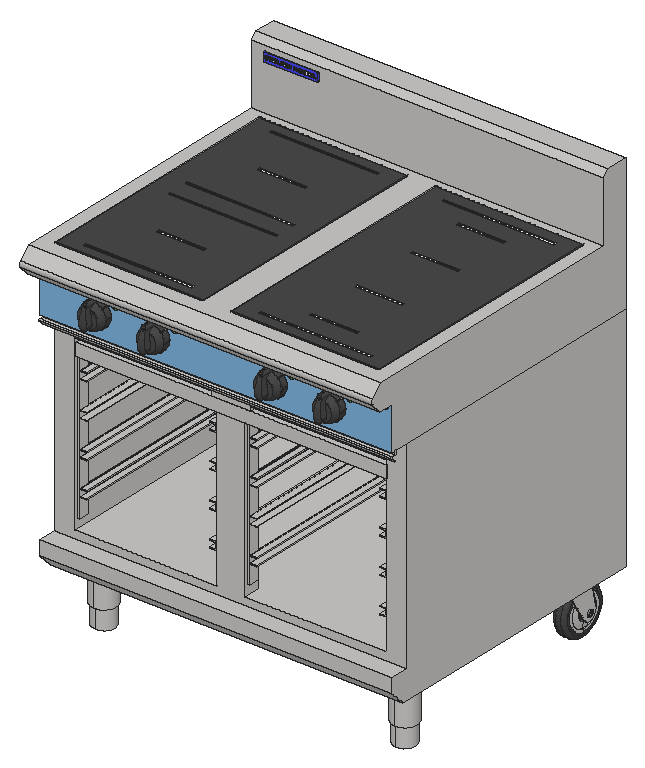
Revit family "QF_Moffat_IN514R5F-CB_Induction_Cooktop_cat", category Specialty Equipment, Revit 2019 (continued)
Definition of nested family "QF_LOGO_BLue Seal"
  Forms (mm)
    Extrusion 2, solid
      sketch origin (0, 0, 0) x (1, 0, 0) y (0, 0, 1)
        loop
          line (103.826, 9.135) -> (99.041, 9.135) -> (99.041, 10.415) -> (103.969, 10.415)
          arc (103.969, 10.415) -> (104.809, 11.255) -> (103.969, 12.095) r 0.84
          line (103.969, 12.095) -> (99.041, 12.095) -> (99.041, 13.215) -> (103.759, 13.215)
        loop
          line (112.34, 12.915) -> (112.34, 11.583) -> (115.1, 11.583) -> (115.1, 12.915)
          arc (115.1, 12.915) -> (114.954, 13.268) -> (114.6, 13.415) r 0.5
          line (114.6, 13.415) -> (112.84, 13.415)
          arc (112.84, 13.415) -> (112.487, 13.268) -> (112.34, 12.915) r 0.5
        loop
          arc (119.975, 7.169) -> (120.682, 7.461) -> (120.975, 8.169) r 1
          line (120.975, 8.169) -> (120.975, 14.317)
          arc (120.975, 14.317) -> (120.682, 15.024) -> (119.975, 15.317) r 1
          line (119.975, 15.317) -> (107.404, 15.317)
          arc (107.404, 15.317) -> (106.697, 15.024) -> (106.404, 14.317) r 1
          line (106.404, 14.317) -> (106.404, 8.169)
          arc (106.404, 8.169) -> (106.697, 7.461) -> (107.404, 7.169) r 1
          line (107.404, 7.169) -> (111.34, 7.169)
          arc (111.34, 7.169) -> (112.047, 7.461) -> (112.34, 8.169) r 1
          line (112.34, 8.169) -> (112.34, 9.135) -> (115.1, 9.135) -> (115.1, 8.169)
          arc (115.1, 8.169) -> (115.393, 7.461) -> (116.1, 7.169) r 1
          line (116.1, 7.169) -> (119.975, 7.169)
        loop
          arc (122.692, 8.169) -> (122.985, 7.461) -> (123.692, 7.169) r 1
          line (123.692, 7.169) -> (133.067, 7.169)
          arc (133.067, 7.169) -> (134.076, 8.178) -> (133.067, 9.188) r 1.01
          line (133.067, 9.188) -> (128.479, 9.188) -> (128.479, 14.317)
          arc (128.479, 14.317) -> (128.186, 15.024) -> (127.479, 15.317) r 1
          line (127.479, 15.317) -> (123.692, 15.317)
          arc (123.692, 15.317) -> (122.985, 15.024) -> (122.692, 14.317) r 1
          line (122.692, 14.317) -> (122.692, 8.169)
        loop
          line (8.019, 7.227) -> (8.019, 15.172)
          arc (8.019, 15.172) -> (4.133, 11.2) -> (8.019, 7.227) r 3.973
      from 0 to 3.2
    Extrusion 3, solid
      sketch origin (0, 0, 0) x (1, 0, 0) y (0, 0, 1)
        loop
          line (8.289, 15.169) -> (8.289, 7.231)
          arc (8.289, 7.231) -> (12.08, 11.2) -> (8.289, 15.169) r 3.973
      from 0 to 3.2
    Extrusion 4, solid
      sketch origin (16.271, 0, 0) x (-1, 0, 0) y (0, 0, -1)
        loop
          arc (8.252, -15.172) -> (12.138, -11.2) -> (8.252, -7.227) r 3.973
          line (8.252, -7.227) -> (8.252, -15.172)
      from 0 to 3.2
  Dimensions and locks
    equal spacing: plane 3 "LEFT", plane 7 "Center Y", plane 4 "RIGHT"
    "Length": plane 3 "LEFT" to plane 4 "RIGHT"
    equal spacing: plane 5 "FRONT", plane 8 "Center X", plane 1 "BACK"
    "Depth": plane 5 "FRONT" to plane 1 "BACK"
    "Height": plane 6 "TOP" to level
    plane 4 "RIGHT" to plane 3 "LEFT" = 138 mm
    aligned and locked: level to plane 2
  Automatic sketch dimensions
    Extrusion 1 sketch curve to Extrusion 1 sketch curve = 0 mm  (x12)
    Extrusion 1 sketch curve to plane 3 "LEFT" = 0 mm
    Extrusion 1 sketch curve to level = 0 mm
    Extrusion 1 sketch curve to plane 6 "TOP" = 0 mm
    plane 4 "RIGHT" to Extrusion 1 sketch curve = 0 mm
    plane 3 "LEFT" to Extrusion 1 sketch curve = 2 mm
    Extrusion 1 sketch curve to Extrusion 1 sketch curve = 2 mm
    plane 3 "LEFT" to Extrusion 1 sketch curve = 8.135 mm
    Extrusion 1 sketch curve to Extrusion 1 sketch curve = 7.524 mm
    Extrusion 1 sketch curve to Extrusion 1 sketch curve = 0.965 mm
    Extrusion 1 sketch curve to Extrusion 1 sketch curve = 1 mm  (x22)
    Extrusion 1 sketch curve to Extrusion 1 sketch curve = 4.503 mm
    Extrusion 1 sketch curve to Extrusion 1 sketch curve = 2.434 mm  (x2)
    Extrusion 1 sketch curve to Extrusion 1 sketch curve = 4.362 mm
    Extrusion 1 sketch curve to Extrusion 1 sketch curve = 3.517 mm
    Extrusion 1 sketch curve to Extrusion 1 sketch curve = 3.787 mm  (x2)
    Extrusion 1 sketch curve to Extrusion 1 sketch curve = 4.787 mm
    Extrusion 1 sketch curve to Extrusion 1 sketch curve = 4.588 mm
    Extrusion 1 sketch curve to Extrusion 1 sketch curve = 1.798 mm
    Extrusion 1 sketch curve to Extrusion 1 sketch curve = 1.956 mm  (x2)
    Extrusion 1 sketch curve to Extrusion 1 sketch curve = 3.735 mm
    Extrusion 1 sketch curve to Extrusion 1 sketch curve = 3.779 mm
    Extrusion 1 sketch curve to Extrusion 1 sketch curve = 1.146 mm
    Extrusion 1 sketch curve to Extrusion 1 sketch curve = 3.631 mm
    Extrusion 1 sketch curve to Extrusion 1 sketch curve = 3.713 mm
    Extrusion 1 sketch curve to Extrusion 1 sketch curve = 0.959 mm
    Extrusion 1 sketch curve to Extrusion 1 sketch curve = 1.688 mm
    Extrusion 1 sketch curve to plane 7 "Center Y" = 3.94 mm
    plane 7 "Center Y" to Extrusion 1 sketch curve = 0.777 mm
    plane 7 "Center Y" to Extrusion 1 sketch curve = 0.845 mm
    plane 7 "Center Y" to Extrusion 1 sketch curve = 0.988 mm
    Extrusion 1 sketch curve to Extrusion 1 sketch curve = 7.327 mm
    Extrusion 1 sketch curve to Extrusion 1 sketch curve = 4.556 mm
    Extrusion 1 sketch curve to Extrusion 1 sketch curve = 3.087 mm
    Extrusion 1 sketch curve to Extrusion 1 sketch curve = 4.657 mm  (x2)
    Extrusion 1 sketch curve to Extrusion 1 sketch curve = 0.004 mm
    Extrusion 1 sketch curve to Extrusion 1 sketch curve = 0.996 mm  (x2)
    Extrusion 1 sketch curve to Extrusion 1 sketch curve = 1.402 mm
    Extrusion 1 sketch curve to Extrusion 1 sketch curve = 5.025 mm
    Extrusion 1 sketch curve to Extrusion 1 sketch curve = 4.717 mm
    Extrusion 1 sketch curve to Extrusion 1 sketch curve = 4.785 mm
    Extrusion 1 sketch curve to Extrusion 1 sketch curve = 0.211 mm
    Extrusion 1 sketch curve to Extrusion 1 sketch curve = 2.645 mm
    Extrusion 1 sketch curve to Extrusion 1 sketch curve = 3.936 mm
    Extrusion 1 sketch curve to Extrusion 1 sketch curve = 0.5 mm  (x2)
    Extrusion 1 sketch curve to Extrusion 1 sketch curve = 1.76 mm
    Extrusion 1 sketch curve to Extrusion 1 sketch curve = 2.76 mm
    Extrusion 1 sketch curve to Extrusion 1 sketch curve = 4.875 mm
    Extrusion 1 sketch curve to Extrusion 1 sketch curve = 3.875 mm
    Extrusion 1 sketch curve to Extrusion 1 sketch curve = 1.717 mm
    plane 4 "RIGHT" to Extrusion 1 sketch curve = 4.933 mm
    plane 4 "RIGHT" to Extrusion 1 sketch curve = 2 mm  (x2)
    level to Extrusion 1 sketch curve = 7.169 mm  (x5)
    Extrusion 1 sketch curve to Extrusion 1 sketch curve = 5.169 mm
    Extrusion 1 sketch curve to Extrusion 1 sketch curve = 0.983 mm  (x2)
    Extrusion 1 sketch curve to Extrusion 1 sketch curve = 1.01 mm  (x2)
    Extrusion 1 sketch curve to Extrusion 1 sketch curve = 0.376 mm
    Extrusion 1 sketch curve to Extrusion 1 sketch curve = 0.588 mm
    Extrusion 1 sketch curve to Extrusion 1 sketch curve = 0.966 mm
    Extrusion 1 sketch curve to Extrusion 1 sketch curve = 2.037 mm  (x2)
    Extrusion 1 sketch curve to Extrusion 1 sketch curve = 0.772 mm  (x2)
    Extrusion 1 sketch curve to Extrusion 1 sketch curve = 0.952 mm
    Extrusion 1 sketch curve to Extrusion 1 sketch curve = 1.046 mm
    Extrusion 1 sketch curve to Extrusion 1 sketch curve = 1.28 mm  (x2)
    Extrusion 1 sketch curve to Extrusion 1 sketch curve = 1.878 mm
    Extrusion 1 sketch curve to Extrusion 1 sketch curve = 2.905 mm
    Extrusion 1 sketch curve to Extrusion 1 sketch curve = 3.031 mm
    Extrusion 1 sketch curve to Extrusion 1 sketch curve = 0.84 mm  (x2)
    Extrusion 1 sketch curve to Extrusion 1 sketch curve = 2.448 mm
    Extrusion 1 sketch curve to Extrusion 1 sketch curve = 2.202 mm
    Extrusion 1 sketch curve to Extrusion 1 sketch curve = 0.786 mm
    Extrusion 1 sketch curve to Extrusion 1 sketch curve = 1.332 mm
    Extrusion 1 sketch curve to Extrusion 1 sketch curve = 1.12 mm  (x2)
    Extrusion 1 sketch curve to Extrusion 1 sketch curve = 1.716 mm
    Extrusion 1 sketch curve to Extrusion 1 sketch curve = 1.051 mm  (x2)
    Extrusion 1 sketch curve to Extrusion 1 sketch curve = 4.147 mm
    Extrusion 1 sketch curve to Extrusion 1 sketch curve = 5.129 mm
    Extrusion 1 sketch curve to Extrusion 1 sketch curve = 0.051 mm
    Extrusion 1 sketch curve to Extrusion 1 sketch curve = 1.037 mm
    Extrusion 1 sketch curve to Extrusion 1 sketch curve = 0.516 mm
    plane 3 "LEFT" to Extrusion 1 sketch curve = 3.555 mm
    Extrusion 2 sketch curve to Extrusion 2 sketch curve = 0 mm  (x16)
    plane 3 "LEFT" to Extrusion 2 sketch curve = 8.019 mm
    Extrusion 2 sketch curve to Extrusion 2 sketch curve = 0.088 mm
    Extrusion 2 sketch curve to Extrusion 2 sketch curve = 0.029 mm
    Extrusion 2 sketch curve to Extrusion 2 sketch curve = 0.27 mm
    Extrusion 2 sketch curve to Extrusion 2 sketch curve = 7.371 mm
    Extrusion 2 sketch curve to Extrusion 2 sketch curve = 0.965 mm
    Extrusion 2 sketch curve to Extrusion 2 sketch curve = 1 mm  (x24)
    Extrusion 2 sketch curve to Extrusion 2 sketch curve = 4.503 mm
    Extrusion 2 sketch curve to Extrusion 2 sketch curve = 2.434 mm
    Extrusion 2 sketch curve to Extrusion 2 sketch curve = 4.362 mm
    Extrusion 2 sketch curve to Extrusion 2 sketch curve = 3.517 mm
    Extrusion 2 sketch curve to Extrusion 2 sketch curve = 3.787 mm  (x2)
    Extrusion 2 sketch curve to Extrusion 2 sketch curve = 4.787 mm  (x2)
    Extrusion 2 sketch curve to Extrusion 2 sketch curve = 4.588 mm  (x2)
    Extrusion 2 sketch curve to Extrusion 2 sketch curve = 1.798 mm
    Extrusion 2 sketch curve to Extrusion 2 sketch curve = 1.956 mm
    Extrusion 2 sketch curve to Extrusion 2 sketch curve = 3.735 mm
    Extrusion 2 sketch curve to Extrusion 2 sketch curve = 1.146 mm
    Extrusion 2 sketch curve to Extrusion 2 sketch curve = 3.631 mm
    Extrusion 2 sketch curve to Extrusion 2 sketch curve = 3.713 mm
    Extrusion 2 sketch curve to Extrusion 2 sketch curve = 0.959 mm
    Extrusion 2 sketch curve to Extrusion 2 sketch curve = 1.688 mm
    Extrusion 2 sketch curve to plane 7 "Center Y" = 3.94 mm
    plane 7 "Center Y" to Extrusion 2 sketch curve = 0.777 mm
    plane 7 "Center Y" to Extrusion 2 sketch curve = 0.845 mm
    plane 7 "Center Y" to Extrusion 2 sketch curve = 0.988 mm
    Extrusion 2 sketch curve to Extrusion 2 sketch curve = 7.327 mm
    Extrusion 2 sketch curve to Extrusion 2 sketch curve = 4.556 mm
    Extrusion 2 sketch curve to Extrusion 2 sketch curve = 3.087 mm
    Extrusion 2 sketch curve to Extrusion 2 sketch curve = 4.657 mm  (x2)
    Extrusion 2 sketch curve to Extrusion 2 sketch curve = 0.004 mm
    Extrusion 2 sketch curve to Extrusion 2 sketch curve = 0.996 mm
    Extrusion 2 sketch curve to Extrusion 2 sketch curve = 1.402 mm
    Extrusion 2 sketch curve to Extrusion 2 sketch curve = 5.025 mm
    Extrusion 2 sketch curve to Extrusion 2 sketch curve = 4.717 mm
    Extrusion 2 sketch curve to Extrusion 2 sketch curve = 4.785 mm
    Extrusion 2 sketch curve to Extrusion 2 sketch curve = 0.211 mm
    Extrusion 2 sketch curve to Extrusion 2 sketch curve = 2.578 mm
    Extrusion 2 sketch curve to Extrusion 2 sketch curve = 3.936 mm
    Extrusion 2 sketch curve to Extrusion 2 sketch curve = 0.5 mm  (x2)
    Extrusion 2 sketch curve to Extrusion 2 sketch curve = 1.76 mm
    Extrusion 2 sketch curve to Extrusion 2 sketch curve = 2.76 mm
    Extrusion 2 sketch curve to Extrusion 2 sketch curve = 3.875 mm
    Extrusion 2 sketch curve to Extrusion 2 sketch curve = 4.875 mm
    Extrusion 2 sketch curve to Extrusion 2 sketch curve = 1.717 mm
    level to Extrusion 2 sketch curve = 7.169 mm  (x6)
    level to Extrusion 2 sketch curve = 7.227 mm
    Extrusion 2 sketch curve to Extrusion 2 sketch curve = 0.003 mm
    Extrusion 2 sketch curve to Extrusion 2 sketch curve = 0.983 mm  (x2)
    Extrusion 2 sketch curve to Extrusion 2 sketch curve = 1.01 mm  (x2)
    Extrusion 2 sketch curve to Extrusion 2 sketch curve = 1.376 mm
    Extrusion 2 sketch curve to Extrusion 2 sketch curve = 0.588 mm
    Extrusion 2 sketch curve to Extrusion 2 sketch curve = 0.966 mm
    Extrusion 2 sketch curve to Extrusion 2 sketch curve = 2.037 mm  (x2)
    Extrusion 2 sketch curve to Extrusion 2 sketch curve = 0.772 mm  (x2)
    Extrusion 2 sketch curve to Extrusion 2 sketch curve = 1.539 mm
    Extrusion 2 sketch curve to Extrusion 2 sketch curve = 0.961 mm
    Extrusion 2 sketch curve to Extrusion 2 sketch curve = 1.28 mm  (x2)
    Extrusion 2 sketch curve to Extrusion 2 sketch curve = 1.878 mm
    Extrusion 2 sketch curve to Extrusion 2 sketch curve = 2.905 mm
    Extrusion 2 sketch curve to Extrusion 2 sketch curve = 3.969 mm
    Extrusion 2 sketch curve to Extrusion 2 sketch curve = 0.84 mm  (x2)
    Extrusion 2 sketch curve to Extrusion 2 sketch curve = 2.448 mm
    Extrusion 2 sketch curve to Extrusion 2 sketch curve = 2.202 mm
    Extrusion 2 sketch curve to Extrusion 2 sketch curve = 2.222 mm
    Extrusion 2 sketch curve to Extrusion 2 sketch curve = 1.332 mm
    Extrusion 2 sketch curve to Extrusion 2 sketch curve = 1.12 mm  (x2)
    Extrusion 2 sketch curve to Extrusion 2 sketch curve = 0.929 mm
    Extrusion 2 sketch curve to Extrusion 2 sketch curve = 1.051 mm  (x2)
    Extrusion 2 sketch curve to Extrusion 2 sketch curve = 5.129 mm  (x2)
    Extrusion 2 sketch curve to Extrusion 2 sketch curve = 4.147 mm
    Extrusion 2 sketch curve to Extrusion 2 sketch curve = 0.516 mm
    plane 3 "LEFT" to Extrusion 2 sketch curve = 3.555 mm
    plane 3 "LEFT" to Extrusion 3 sketch curve = 8.107 mm
    Extrusion 3 sketch curve to Extrusion 3 sketch curve = 0.182 mm
    level to Extrusion 3 sketch curve = 7.231 mm
    Extrusion 3 sketch curve to Extrusion 3 sketch curve = 3.969 mm
    Extrusion 4 sketch curve to plane 3 "LEFT" = 8.107 mm
    Extrusion 4 sketch curve to Extrusion 4 sketch curve = 0.088 mm
    Extrusion 4 sketch curve to level = 7.227 mm
    Extrusion 4 sketch curve to Extrusion 4 sketch curve = 3.972 mm
Definition of nested family "6 INCHES 02_CASTER"
  Parameters (values of type "6 INCHES 02_CASTER")
    Weight = ""
    URL Manufacturer = ""
    URL Cutsheet = ""
    URL = ""
    Type Mark [instance] = ""
    Specification by User [instance] = ""
    Specification by Manufacturer = ""
    Show Casters [instance] = yes
    Serial Number = ""
    Seismic Rating = ""
    SMACNA No = ""
    Revision Code [instance] = ""
    Omniclass Number and Title = ""
    NAFEM Spec ID Number = ""
    Model = ""
    MasterSpec. = ""
    Manufacturer = ""
    Item Number [instance] = ""
    Installed By [instance] = ""
    Identify Quantity as Lot [instance] = yes
    Furnished By [instance] = ""
    Foodservice Equipment Identifier [instance] = yes
    Description = ""
    CSI MasterFormat = ""
    CSI Master Format = ""
  Reference planes
    plane 1 "BACK": y = 0
    plane 2: z = 0
    plane 3 "LEFT": x = 0
    plane 4 "RIGHT": x = 0
    plane 5 "FRONT": y = 0
    plane 6 "TOP": z = 150
  Forms (mm)
    Revolve 1, solid, visible <- "Show Casters"
      sketch origin (-56.335, 0, -6.35) x (-1, 0, 0) y (0, 0, 1)
        loop
          line (-56.335, 152.4) -> (-56.335, 141.118) -> (-23.798, 141.118) -> (-23.798, 152.4) -> (-56.335, 152.4)
        axis (-56.335, 141.118) -> (-56.335, 152.4)
      angle from 0 to 360
    Extrusion 2, solid, visible <- "Show Casters"
      sketch origin (6.501, 53.083, -4.762) x (0, 1, 0) y (0, 0, 1)
        loop
          line (-85.799, 139.531) -> (-85.799, 133.181) -> (-42.478, 58.614)
          arc (-42.478, 58.614) -> (-16.638, 50.199) -> (-6.442, 75.39) r 19.923
          line (-6.442, 75.39) -> (-20.366, 139.531) -> (-85.799, 139.531)
      from 20.058 to 22.923
    Extrusion 3, solid, visible <- "Show Casters"
      sketch origin (0, 0, 146.05) x (0, 1, 0) y (-1, 0, 0)
        loop
          circle (0, 0) r 19.05
      from 0 to 3.95
    Extrusion 4, solid, visible <- "Show Casters"
      sketch origin (-6.501, 53.083, -4.762) x (0, 1, 0) y (0, 0, -1)
        loop
          line (-85.799, -133.181) -> (-85.799, -139.531) -> (-20.366, -139.531) -> (-6.442, -75.39)
          arc (-6.442, -75.39) -> (-16.638, -50.199) -> (-42.478, -58.614) r 19.923
          line (-42.478, -58.614) -> (-85.799, -133.181)
      from 20.058 to 22.923
    Extrusion 5, solid, visible <- "Show Casters"
      sketch origin (0, -3.253, 19.05) x (0, 1, 0) y (0, 0, 1)
        loop
          line (-29.464, 115.718) -> (-29.464, 109.368) -> (35.969, 109.368) -> (35.969, 115.718) -> (-29.464, 115.718)
      from -26.559 to 26.559
    Revolve 6, solid, visible <- "Show Casters"
      sketch origin (-49.213, 28.39, -3.252) x (1, 0, 0) y (0, 0, 1)
        loop
          line (14.841, 65.192) -> (14.841, 61.686) -> (16.111, 60.416) -> (17.635, 60.416) -> (17.635, 56.97) -> (29.782, 56.97) -> (29.782, 46.925) -> (33.069, 45.027) -> (36.232, 25.477) -> (32.544, 25.477) -> (32.544, 19.127) -> (33.338, 19.127) -> (33.338, 12.777)
          arc (33.338, 12.777) -> (36.127, 6.041) -> (42.863, 3.252) r 9.525
          line (42.863, 3.252) -> (55.563, 3.252)
          arc (55.563, 3.252) -> (62.298, 6.041) -> (65.088, 12.777) r 9.525
          line (65.088, 12.777) -> (65.088, 19.127) -> (65.881, 19.127) -> (65.881, 25.477) -> (62.193, 25.477) -> (65.371, 45.116) -> (68.644, 47.006) -> (68.644, 56.97) -> (80.79, 56.97) -> (80.79, 60.416) -> (82.314, 60.416) -> (83.584, 61.686) -> (83.584, 65.192) -> (14.841, 65.192)
        axis (14.841, 65.192) -> (83.584, 65.192)
      angle from 0 to 360
  Cuts and joins
    joined: Extrusion 2, Extrusion 4, Extrusion 5
  Lines and regions (mm)
    symbolic lines, visible <- "Show Casters"
      curve 1: line (11.652, 51.878, 0) -> (39.148, 36.003, 0)
      curve 2: line (-39.148, -36.11, 0) -> (-20.098, -3.115, 0)
      curve 3: line (-11.652, -51.985, 0) -> (-39.148, -36.11, 0)
      curve 4: line (39.148, 36.003, 0) -> (20.098, 3.007, 0)
      curve 5: line (-7.398, 18.882, 0) -> (11.652, 51.878, 0)
      curve 6: line (7.398, -18.99, 0) -> (-11.652, -51.985, 0)
  Dimensions and locks
    plane 6 "TOP" to level = 150 mm  (x2)
    aligned and locked: level to plane 2
Definition of nested family "Knob"
  Parameters (values of type "Knob")
    Weight in Pounds = 0
    URL Cutsheet = ""
    Specification by User = ""
    Specification by Manufacturer = ""
    Serial Number = ""
    Seismic Rating = ""
    SMACNA No = ""
    Revision Code = ""
    NAFEM Spec ID Number = ""
    Masterspec = ""
    Length = 65 mm
    Item Number = ""
    Installed By = ""
    Identify Quantity as Lot = yes
    Height = 69.5 mm
    Furnished By = ""
    Foodservice Equipment Identifier = yes
    Depth = 59 mm
    CSI MasterFormat = ""
  Reference planes
    plane 1 "BACK": y = 0
    plane 2: z = 0
    plane 3 "LEFT": x = 0
    plane 4 "RIGHT": x = 65
    plane 5 "FRONT": y = -59
    plane 6 "TOP": z = 69.5
    plane 7 "Center Y": x = 32.5
    plane 8 "Center X": y = -29.5
  Forms (mm)
    Revolve 1, solid
      sketch origin (32.5, 175.397, 1219.2) x (0, 1, 0) y (0, 0, 1)
        loop
          line (-175.397, -1186.7) -> (-219.397, -1186.7) -> (-219.397, -1211.501) -> (-202.106, -1219.2) -> (-185.397, -1219.2) -> (-185.397, -1191.7) -> (-175.397, -1191.7) -> (-175.397, -1186.7)
        axis (-219.397, -1186.7) -> (-175.397, -1186.7)
      angle from 0 to 360
    Extrusion 2, solid
      sketch origin (32.5, 175.397, 1219.2) x (0, 1, 0) y (0, 0, 1)
        loop
          line (-202.106, -1154.2) -> (-185.397, -1154.2) -> (-185.397, -1149.7) -> (-224.105, -1149.7)
          arc (-224.105, -1149.7) -> (-233.965, -1178.467) -> (-230.696, -1208.7) r 70
          line (-230.696, -1208.7) -> (-219.397, -1208.7) -> (-219.397, -1161.899) -> (-202.106, -1154.2)
      from -15 to 15
    Extrusion 3, void
      sketch origin (0, 0, 0) x (1, 0, 0) y (0, 0, 1)
        loop
          line (27.501, 64.613) -> (22.02, 20.585)
          arc (22.02, 20.585) -> (32.792, 10.488) -> (42.986, 21.169) r 10.487
          line (42.986, 21.169) -> (37.499, 64.613)
          arc (37.499, 64.613) -> (32.5, 69.5) -> (27.501, 64.613) r 5
        loop
          line (10, 72.977) -> (10, 5.625) -> (55, 5.625) -> (55, 72.977) -> (10, 72.977)
      from 6.142 to 69.687
    Extrusion 4, solid
      sketch origin (0, -34.115, -16.916) x (1, 0, 0) y (0, 0.45399, 0.891007)
        loop
          circle (32.497, 65) r 2
      from 51.525 to 53.075
    Extrusion 5, solid
      sketch origin (32.5, -10, 32.5) x (0, 0, -1) y (-1, 0, 0)
        loop
          line (-23.54, -22.408) -> (-24.106, -22.974)
          arc (-24.106, -22.974) -> (-23.547, -23.547) -> (-22.974, -24.106) r 33.3
          line (-22.974, -24.106) -> (-22.408, -23.54)
          arc (-22.408, -23.54) -> (-22.981, -22.981) -> (-23.54, -22.408) r 32.5
        loop
          arc (-0.8, -33.29) -> (0, -33.3) -> (0.8, -33.29) r 33.3
          line (0.8, -33.29) -> (0.8, -32.49)
          arc (0.8, -32.49) -> (0, -32.5) -> (-0.8, -32.49) r 32.5
          line (-0.8, -32.49) -> (-0.8, -33.29)
        loop
          arc (23.54, -22.408) -> (22.981, -22.981) -> (22.408, -23.54) r 32.5
          line (22.408, -23.54) -> (22.974, -24.106)
          arc (22.974, -24.106) -> (23.547, -23.547) -> (24.106, -22.974) r 33.3
          line (24.106, -22.974) -> (23.54, -22.408)
        loop
          arc (-23.54, 22.408) -> (-22.981, 22.981) -> (-22.408, 23.54) r 32.5
          line (-22.408, 23.54) -> (-22.974, 24.106)
          arc (-22.974, 24.106) -> (-23.547, 23.547) -> (-24.106, 22.974) r 33.3
          line (-24.106, 22.974) -> (-23.54, 22.408)
        loop
          line (-0.8, 33.29) -> (-0.8, 32.49)
          arc (-0.8, 32.49) -> (0, 32.5) -> (0.8, 32.49) r 32.5
          line (0.8, 32.49) -> (0.8, 33.29)
          arc (0.8, 33.29) -> (0, 33.3) -> (-0.8, 33.29) r 33.3
        loop
          line (32.49, -0.8) -> (33.29, -0.8)
          arc (33.29, -0.8) -> (33.3, 0) -> (33.29, 0.8) r 33.3
          line (33.29, 0.8) -> (32.49, 0.8)
          arc (32.49, 0.8) -> (32.5, 0) -> (32.49, -0.8) r 32.5
        loop
          arc (24.106, 22.974) -> (23.547, 23.547) -> (22.974, 24.106) r 33.3
          line (22.974, 24.106) -> (22.408, 23.54)
          arc (22.408, 23.54) -> (22.981, 22.981) -> (23.54, 22.408) r 32.5
          line (23.54, 22.408) -> (24.106, 22.974)
      from 0 to -16.709
  Cuts and joins
    Extrusion 3 cuts Extrusion 2
  Dimensions and locks
    equal spacing: plane 3 "LEFT", plane 7 "Center Y", plane 4 "RIGHT"
    "Length": plane 3 "LEFT" to plane 4 "RIGHT"
    equal spacing: plane 5 "FRONT", plane 8 "Center X", plane 1 "BACK"
    "Depth": plane 5 "FRONT" to plane 1 "BACK"
    "Height": plane 6 "TOP" to level
    plane 4 "RIGHT" to plane 3 "LEFT" = 65 mm
    aligned and locked: level to plane 2
  Automatic sketch dimensions
    Revolve 1 sketch curve to level = 0 mm
    Revolve 1 sketch curve to plane 1 "BACK" = 0 mm  (x2)
    plane 1 "BACK" to Revolve 1 sketch curve = 10 mm
    plane 8 "Center X" to Revolve 1 sketch curve = 2.791 mm
    Revolve 1 sketch curve to plane 8 "Center X" = 14.5 mm
    level to Revolve 1 sketch curve = 7.699 mm
    level to Revolve 1 sketch curve = 27.5 mm
    Revolve 1 sketch curve to Revolve 1 sketch curve = 5 mm
    Revolve 1 sketch curve to Revolve 1 sketch curve = 35 mm
    Revolve 1 sketch curve to Revolve 1 sketch curve = 0 mm
    Extrusion 2 sketch curve to plane 6 "TOP" = 0 mm
    Extrusion 2 sketch curve to plane 5 "FRONT" = 3.702 mm
    Extrusion 2 sketch curve to plane 5 "FRONT" = 10.293 mm
    Extrusion 2 sketch curve to Extrusion 2 sketch curve = 11.298 mm
    plane 8 "Center X" to Extrusion 2 sketch curve = 2.791 mm
    plane 1 "BACK" to Extrusion 2 sketch curve = 10 mm
    Extrusion 2 sketch curve to plane 1 "BACK" = 11 mm
    Extrusion 2 sketch curve to plane 6 "TOP" = 4.5 mm
    Extrusion 2 sketch curve to plane 6 "TOP" = 12.199 mm
    level to Extrusion 2 sketch curve = 32.962 mm
    level to Extrusion 3 sketch curve = 5.625 mm
    Extrusion 3 sketch curve to plane 7 "Center Y" = 0 mm  (x2)
    Extrusion 3 sketch curve to plane 7 "Center Y" = 4.999 mm
    Extrusion 3 sketch curve to plane 7 "Center Y" = 10.48 mm
    plane 6 "TOP" to Extrusion 3 sketch curve = 3.477 mm
    plane 3 "LEFT" to Extrusion 3 sketch curve = 10 mm
    Extrusion 3 sketch curve to plane 6 "TOP" = 4.887 mm
    Extrusion 3 sketch curve to Extrusion 3 sketch curve = 4.999 mm
    plane 7 "Center Y" to Extrusion 3 sketch curve = 10.486 mm
    level to Extrusion 3 sketch curve = 20.585 mm
    Extrusion 3 sketch curve to Extrusion 3 sketch curve = 0.387 mm
    Extrusion 3 sketch curve to Extrusion 3 sketch curve = 0.113 mm
    plane 4 "RIGHT" to Extrusion 3 sketch curve = 10 mm
    Extrusion 5 sketch curve to Revolve 1 = 32.49 mm
    Revolve 1 to Extrusion 5 sketch curve = 32.49 mm
    Extrusion 5 sketch curve to Revolve 1 = 23.54 mm  (x2)
    Revolve 1 to Extrusion 5 sketch curve = 23.54 mm  (x2)
    Extrusion 5 sketch curve to Revolve 1 = 24.106 mm  (x2)
    Revolve 1 to Extrusion 5 sketch curve = 24.106 mm  (x2)
    Revolve 1 to Extrusion 5 sketch curve = 22.408 mm  (x2)
    Extrusion 5 sketch curve to Revolve 1 = 22.408 mm  (x2)
    Revolve 1 to Extrusion 5 sketch curve = 22.974 mm  (x2)
    Extrusion 5 sketch curve to Revolve 1 = 22.974 mm  (x2)
    Extrusion 5 sketch curve to Extrusion 5 sketch curve = 1.6 mm  (x2)
    Revolve 1 to Extrusion 5 sketch curve = 0.8 mm
    Extrusion 5 sketch curve to Revolve 1 = 0.8 mm
    Extrusion 4 sketch curve to plane 7 "Center Y" = 0.003 mm
    radius of Extrusion 5 sketch curve to Revolve 1 = 0 mm  (x7)
    radius of Revolve 1 to Extrusion 5 sketch curve = 0.8 mm  (x7)
    radius of Extrusion 4 sketch curve = 2 mm
